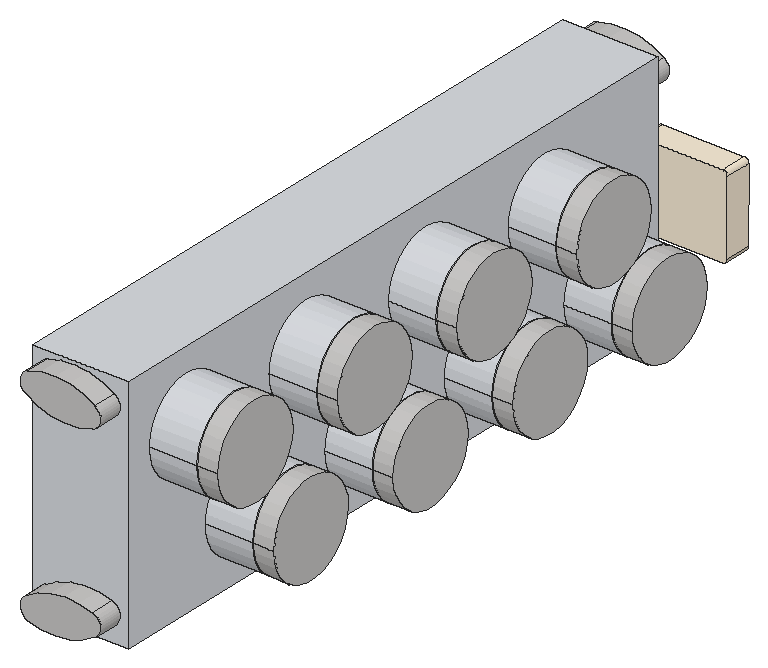
Revit family "HVAC_Ductwork_Airzone_Motorized-Plenum_Kaysun_Standard_8-Dampers", category Mechanical Equipment, Revit 2016
Family settings
  Part Type = Normal
  Round Connector Dimension = Use Diameter
  OmniClass Number = 23.75.70.14
  OmniClass Title = Air Ductwork
  Work Plane-Based = No
  Always vertical = Yes
  Cut with Voids When Loaded = No
  Shared = No
  Room Calculation Point = No
Parameters (values of type "KAYST01XL8")
  Voltage = 230 V
  URL = "www.airzone.es"
  Type Image Comments = "Image available in product documentation download"  # constant formula
  Revit Model Version = "1.0"  # constant formula
  Revit Model Author URL = "www.a3d.es"
  Revit Model Author = "A3D Consulting"  # constant formula
  Product Documentation Download URL = "http://doc.airzone.es/BIM/Easyzone/Kaysun-Airzone_motorized_plenum.zip"
  Product Comments = "Refer to technical documentation for further details"  # constant formula
  Power Factor = 1
  Neck Width = 971.600 mm
  Neck Length = 95.000 mm
  Neck Height = 207.600 mm
  Material = Metal - AIRZONE - Galvanized Sheet - Semi-polished
  Main Control Board Material = Plastic - AIRZONE - Smooth - Off-white
  Load Classification = Other
  Insulated Body Width = 205.000 mm  # constant formula
  Insulated Body Material = Metal -AIRZONE - Insulating Lining -Aluminum Finish
  Insulated Body Length = 1425.000 mm  # constant formula
  Insulated Body Height = 515.000 mm  # constant formula
  Fresh Air Inlet 4 Flow [instance] = 0 m³/h
  Fresh Air Inlet 3 Flow [instance] = 0 m³/h
  Flow [instance] = Damper 8 Air Flow + Damper 7 Air Flow + Damper 6 Air Flow + Damper 5 Air Flow + Damper 4 Air Flow + Damper 3 Air Flow + Damper 2 Air Flow + Damper 1 Air Flow - Fresh Air Inlet 4 Flow - Fresh Air Inlet 3 Flow - Fresh Air Inlet 2 Flow - Fresh Air Inlet 1 Flow  # 2400 m³/h
  Fresh Air Inlet 1 Flow [instance] = 0 m³/h
  Fresh Air Inlet 2 Flow [instance] = 0 m³/h
  Fresh Air Inlet Connection Width = 175.000 mm
  Fresh Air Inlet Connection Height = 75.000 mm
  Model = "KAYST01XL8"
  Neck Side Offset = 262.700 mm
  Neck Bottom Offset = 161.700 mm
  Type Image = <None>
  Manufacturer = "AIRZONE"  # constant formula
  Main Control Board Depth = 57.000 mm  # constant formula
  Main Control Board Width = 195.000 mm  # constant formula
  Main Control Board Height = 180.000 mm  # constant formula
  Fixing = ""
  Disclaimer = "All information provided in this model is reviewed before being published. However, Airzone cannot guarantee this model is error-free, therefore users are strongly encouraged to check for technical documentation and updates"  # constant formula
  Description = "Airzone standard motorized plenum with neck that mechanically adapts to the main ducted AC units of Kaysun."
  Type Comments = ""
  Dampers Length = 149.000 mm  # constant formula
  Dampers Diameter = 200.000 mm  # constant formula
  Damper 8 Air Flow [instance] = 300 m³/h
  Damper 7 Air Flow [instance] = 300 m³/h
  Damper 6 Air Flow [instance] = 300 m³/h
  Damper 5 Air Flow [instance] = 300 m³/h
  Damper 4 Air Flow [instance] = 300 m³/h
  Damper 1 Air Flow [instance] = 300 m³/h
  Damper 2 Air Flow [instance] = 300 m³/h
  Damper 3 Air Flow [instance] = 300 m³/h
  Fresh Air Inlet Connection Offset Height = 48.305 mm  # constant formula
  Compatible Accesories = ""
  Apparent Load = 57.5 VA
Types (2, lengths in mm): name | Neck Width | Neck Height | Model | Neck Side Offset | Neck Bottom Offset
  KAYST01XL8 | 971.600 | 207.600 | "KAYST01XL8" | 262.700 | 161.700
  KAYST01L8 | 936.600 | 182.600 | "KAYST01L8" | 282.700 | 176.700
Reference planes
  plane 1 "Center (Front/Back)": y = 0
  plane 2 "Center (Elevation)": z = 0
  plane 3 "Center (Left/Right)": x = 0
  plane 4 "Neck Back": y = 485.8
  plane 5 "Neck Front": y = -485.8
  plane 6 "Neck Top": z = 103.8
  plane 7 "Neck Bottom": z = -103.8
  plane 8 "Left": x = 95
  plane 9 "Bottom": z = -265.5
  plane 10 "Top": z = 249.5
  plane 11 "Front": y = -676.5
  plane 12 "Back": y = 748.5
  plane 13 "Right": x = 300
  plane 14 "Dampers Front": x = 449
  plane 15 "Dampers L1 Center (Elevation)": z = 99.5
  plane 16 "Damper3": y = -199.84
  plane 17 "Damper2": y = 121.83
  plane 18 "Damper1": y = 443.5
  plane 19 "Middle": y = 36
  plane 20 "FreshAir L2 Center (Elevation)": z = -217.195
  plane 21 "FreshAir1": y = 801
  plane 22 "FreshAir2": y = -729
  plane 23 "Dampers Lining": x = 404
  plane 24 "FreshAir Vertical Axis": x = 195.83
  plane 25 "ConnectionBox Side": x = 254
  plane 26 "Main Control Board Center (Left/Right)": x = 351.5
  plane 27 "Damper4": y = -521.51
  plane 28 "Dampers L2 Center (Elevation)": z = -115.5
  plane 29 "Damper5": y = 593.51
  plane 30 "Damper6": y = 271.84
  plane 31 "Damper7": y = -49.83
  plane 32 "Damper8": y = -371.5
  plane 33 "InsulatedBody Center (Elevation)": z = -8
  plane 34 "FreshAir L1 Center (Elevation)": z = 201.195
Forms (mm)
  Extrusion 1, solid, material "Metal - AIRZONE - Galvanized Sheet - Semi-polished" <- "Material"
    sketch origin (0, 0, 0) x (0, 1, 0) y (0, 0, 1)
      loop
        line (-485.8, 103.8) -> (-485.8, -103.8) -> (485.8, -103.8) -> (485.8, 103.8) -> (-485.8, 103.8)
    from 0 to 95
  Extrusion 2, solid, material "Metal -AIRZONE - Insulating Lining -Aluminum Finish" <- "Insulated Body Material"
    sketch origin (95, 0, 0) x (0, 1, 0) y (0, 0, 1)
      loop
        line (-676.5, 249.5) -> (-676.5, -265.5) -> (748.5, -265.5) -> (748.5, 249.5) -> (-676.5, 249.5)
    from 0 to 205
  Extrusion 3, solid, material "Metal - AIRZONE - Galvanized Sheet - Semi-polished" <- "Material"
    sketch origin (300, 0, 0) x (0, 1, 0) y (0, 0, 1)
      loop
        circle (-199.84, 99.5) r 100
    from 104 to 149
  Extrusion 4, solid, material "Metal - AIRZONE - Galvanized Sheet - Semi-polished" <- "Material"
    sketch origin (300, 0, 0) x (0, 1, 0) y (0, 0, 1)
      loop
        circle (121.83, 99.5) r 100
    from 104 to 149
  Extrusion 5, solid, material "Metal - AIRZONE - Galvanized Sheet - Semi-polished" <- "Material"
    sketch origin (300, 0, 0) x (0, 1, 0) y (0, 0, 1)
      loop
        circle (443.5, 99.5) r 100
    from 104 to 149
  Extrusion 6, solid, material "Metal - AIRZONE - Galvanized Sheet - Semi-polished" <- "Material"
    sketch origin (0, -676.5, 0) x (0, 0, 1) y (1, 0, 0)
      loop
        arc (-184.641, 265.204) -> (-206.108, 282.105) -> (-230.812, 270.434) r 25.96
        arc (-230.812, 270.434) -> (-256.802, 200.598) -> (-249.349, 126.456) r 164.67
        arc (-249.349, 126.456) -> (-228.165, 109.589) -> (-203.494, 120.751) r 25.96
        arc (-203.494, 120.751) -> (-177.225, 190.78) -> (-184.641, 265.204) r 164.67
    from 0 to -52.5
  Extrusion 7, solid, material "Metal - AIRZONE - Galvanized Sheet - Semi-polished" <- "Material"
    sketch origin (0, 748.5, 0) x (0, 0, 1) y (1, 0, 0)
      loop
        arc (-184.641, 265.204) -> (-205.825, 282.071) -> (-230.496, 270.909) r 25.96
        arc (-230.496, 270.909) -> (-256.679, 201.53) -> (-249.767, 127.699) r 164.67
        arc (-249.767, 127.699) -> (-228.532, 109.637) -> (-203.178, 121.226) r 25.96
        arc (-203.178, 121.226) -> (-177.188, 191.062) -> (-184.641, 265.204) r 164.67
    from 0 to 52.5
  Extrusion 8, solid, material "Metal -AIRZONE - Insulating Lining -Aluminum Finish" <- "Insulated Body Material"
    sketch origin (300, 0, 0) x (0, 1, 0) y (0, 0, 1)
      loop
        circle (443.5, 99.5) r 100
    from 0 to 104
  Extrusion 9, solid, material "Metal -AIRZONE - Insulating Lining -Aluminum Finish" <- "Insulated Body Material"
    sketch origin (300, -260, 0) x (0, 1, 0) y (0, 0, 1)
      loop
        circle (381.83, 99.5) r 100
    from 0 to 104
  Extrusion 10, solid, material "Metal -AIRZONE - Insulating Lining -Aluminum Finish" <- "Insulated Body Material"
    sketch origin (300, -520, 0) x (0, 1, 0) y (0, 0, 1)
      loop
        circle (320.16, 99.5) r 100
    from 0 to 104
  Extrusion 11, solid, material "Metal - AIRZONE - Galvanized Sheet - Semi-polished" <- "Material"
    sketch origin (300, -190, 0) x (0, 1, 0) y (0, 0, 1)
      loop
        circle (-331.51, 99.5) r 100
    from 104 to 149
  Extrusion 12, solid, material "Metal -AIRZONE - Insulating Lining -Aluminum Finish" <- "Insulated Body Material"
    sketch origin (300, -710, 0) x (0, 1, 0) y (0, 0, 1)
      loop
        circle (188.49, 99.5) r 100
    from 0 to 104
  Extrusion 13, solid, material "Metal -AIRZONE - Insulating Lining -Aluminum Finish" <- "Insulated Body Material"
    sketch origin (300, -100, 0) x (0, 1, 0) y (0, 0, 1)
      loop
        circle (693.51, -115.5) r 100
    from 0 to 104
  Extrusion 14, solid, material "Metal - AIRZONE - Galvanized Sheet - Semi-polished" <- "Material"
    sketch origin (300, 150.01, 0) x (0, 1, 0) y (0, 0, 1)
      loop
        circle (443.5, -115.5) r 100
    from 104 to 149
  Extrusion 15, solid, material "Metal -AIRZONE - Insulating Lining -Aluminum Finish" <- "Insulated Body Material"
    sketch origin (300, -421.67, 0) x (0, 1, 0) y (0, 0, 1)
      loop
        circle (693.51, -115.5) r 100
    from 0 to 104
  Extrusion 16, solid, material "Metal - AIRZONE - Galvanized Sheet - Semi-polished" <- "Material"
    sketch origin (300, -171.66, 0) x (0, 1, 0) y (0, 0, 1)
      loop
        circle (443.5, -115.5) r 100
    from 104 to 149
  Extrusion 17, solid, material "Metal -AIRZONE - Insulating Lining -Aluminum Finish" <- "Insulated Body Material"
    sketch origin (300, -743.34, 0) x (0, 1, 0) y (0, 0, 1)
      loop
        circle (693.51, -115.5) r 100
    from 0 to 104
  Extrusion 18, solid, material "Metal - AIRZONE - Galvanized Sheet - Semi-polished" <- "Material"
    sketch origin (300, -493.33, 0) x (0, 1, 0) y (0, 0, 1)
      loop
        circle (443.5, -115.5) r 100
    from 104 to 149
  Extrusion 19, solid, material "Metal -AIRZONE - Insulating Lining -Aluminum Finish" <- "Insulated Body Material"
    sketch origin (300, -1065.01, 0) x (0, 1, 0) y (0, 0, 1)
      loop
        circle (693.51, -115.5) r 100
    from 0 to 104
  Extrusion 20, solid, material "Metal - AIRZONE - Galvanized Sheet - Semi-polished" <- "Material"
    sketch origin (300, -815, 0) x (0, 1, 0) y (0, 0, 1)
      loop
        circle (443.5, -115.5) r 100
    from 104 to 149
  Extrusion 21, solid, material "Metal - AIRZONE - Galvanized Sheet - Semi-polished" <- "Material"
    sketch origin (0, -676.5, -30) x (0, 0, -1) y (-1, 0, 0)
      loop
        arc (-198.641, -265.204) -> (-191.225, -190.78) -> (-217.494, -120.751) r 164.67
        arc (-217.494, -120.751) -> (-242.165, -109.589) -> (-263.349, -126.456) r 25.96
        arc (-263.349, -126.456) -> (-270.802, -200.598) -> (-244.812, -270.434) r 164.67
        arc (-244.812, -270.434) -> (-220.108, -282.105) -> (-198.641, -265.204) r 25.96
    from 0 to -52.5
  Extrusion 22, solid, material "Metal - AIRZONE - Galvanized Sheet - Semi-polished" <- "Material"
    sketch origin (0, 748.5, -30) x (0, 0, -1) y (-1, 0, 0)
      loop
        arc (-198.641, -265.204) -> (-191.188, -191.062) -> (-217.178, -121.226) r 164.67
        arc (-217.178, -121.226) -> (-242.532, -109.637) -> (-263.767, -127.699) r 25.96
        arc (-263.767, -127.699) -> (-270.679, -201.53) -> (-244.496, -270.909) r 164.67
        arc (-244.496, -270.909) -> (-219.825, -282.071) -> (-198.641, -265.204) r 25.96
    from 0 to 52.5
Lines and regions (mm)
  Masking region 1
    outline origin (0, 0, 0) x (1, 0, 0) y (0, 1, 0)
      loop
        line (95, 748.5) -> (95, -676.5) -> (300, -676.5) -> (300, 748.5) -> (95, 748.5)
  Masking region 2, detail levels medium+fine
    outline origin (0, 0, 0) x (1, 0, 0) y (0, 1, 0)
      loop
        line (0, 485.8) -> (0, -485.8) -> (95, -485.8) -> (95, 485.8) -> (0, 485.8)
  Masking region 3, detail levels medium+fine
    outline origin (0, 0, -217.195) x (1, 0, 0) y (0, 1, 0)
      loop
        line (108.33, 801) -> (108.33, 748.5) -> (283.33, 748.5) -> (283.33, 801) -> (108.33, 801)
  Masking region 4, detail levels medium+fine
    outline origin (0, 0, -217.195) x (1, 0, 0) y (0, 1, 0)
      loop
        line (108.33, -676.5) -> (108.33, -729) -> (283.33, -729) -> (283.33, -676.5) -> (108.33, -676.5)
  Masking region 5, detail levels medium+fine
    outline origin (0, 0, 0) x (1, 0, 0) y (0, 1, 0)
      loop
        line (254, 805.5) -> (254, 748.5) -> (449, 748.5) -> (449, 805.5) -> (254, 805.5)
  Masking region 6, detail levels medium+fine
    outline origin (0, 0, 99.5) x (0, -1, 0) y (1, 0, 0)
      loop
        line (421.51, 300) -> (621.51, 300) -> (621.51, 449) -> (421.51, 449) -> (421.51, 300)
  Masking region 7, detail levels medium+fine
    outline origin (0, 321.67, 99.5) x (0, -1, 0) y (1, 0, 0)
      loop
        line (421.51, 300) -> (621.51, 300) -> (621.51, 449) -> (421.51, 449) -> (421.51, 300)
  Masking region 8, detail levels medium+fine
    outline origin (0, 643.34, 99.5) x (0, -1, 0) y (1, 0, 0)
      loop
        line (421.51, 300) -> (621.51, 300) -> (621.51, 449) -> (421.51, 449) -> (421.51, 300)
  Masking region 9, detail levels medium+fine
    outline origin (0, 965.01, 99.5) x (0, -1, 0) y (1, 0, 0)
      loop
        line (421.51, 300) -> (621.51, 300) -> (621.51, 449) -> (421.51, 449) -> (421.51, 300)
  Masking region 10, detail levels medium+fine
    outline origin (0, 0, -115.5) x (0, -1, 0) y (1, 0, 0)
      loop
        line (-693.51, 300) -> (-493.51, 300) -> (-493.51, 449) -> (-693.51, 449) -> (-693.51, 300)
  Masking region 11, detail levels medium+fine
    outline origin (0, -321.67, -115.5) x (0, -1, 0) y (1, 0, 0)
      loop
        line (-693.51, 300) -> (-493.51, 300) -> (-493.51, 449) -> (-693.51, 449) -> (-693.51, 300)
  Masking region 12, detail levels medium+fine
    outline origin (0, -643.34, -115.5) x (0, -1, 0) y (1, 0, 0)
      loop
        line (-693.51, 300) -> (-493.51, 300) -> (-493.51, 449) -> (-693.51, 449) -> (-693.51, 300)
  Masking region 13, detail levels medium+fine
    outline origin (0, -965.01, -115.5) x (0, -1, 0) y (1, 0, 0)
      loop
        line (-693.51, 300) -> (-493.51, 300) -> (-493.51, 449) -> (-693.51, 449) -> (-693.51, 300)
  symbolic lines, detail levels coarse
    curve 1: line (95, -676.5, 0) -> (300, 36, 0)
    curve 2: line (300, 36, 0) -> (95, 748.5, 0)
Dimensions and locks
  equal spacing: plane 4 "Neck Back", plane 1 "Center (Front/Back)", plane 5 "Neck Front"
  "Neck Width": plane 4 "Neck Back" to plane 5 "Neck Front"
  equal spacing: plane 6 "Neck Top", level, plane 7 "Neck Bottom"
  "Neck Height": plane 6 "Neck Top" to plane 7 "Neck Bottom"
  "Neck Length": plane 3 "Center (Left/Right)" to plane 8 "Left"
  "Neck Bottom Offset": plane 7 "Neck Bottom" to plane 9 "Bottom"
  "Insulated Body Height": plane 10 "Top" to plane 9 "Bottom"
  "Insulated Body Length": plane 12 "Back" to plane 11 "Front"
  "Insulated Body Width": plane 8 "Left" to plane 13 "Right"
  "Dampers Length": plane 13 "Right" to plane 14 "Dampers Front"
  equal spacing: plane 12 "Back", plane 19 "Middle", plane 11 "Front"
  plane 8 "Left" to plane 13 "Right" = 205.000 mm
  "Fresh Air Inlet Connection Offset Height": plane 20 "FreshAir L2 Center (Elevation)" to plane 9 "Bottom"
  locked: Extrusion 6 sketch curve to plane 9 "Bottom" at 56.47
  locked: plane 13 "Right" to Extrusion 6 sketch curve at 43.69
  locked: plane 13 "Right" to Extrusion 6 sketch curve at 164.65
  locked: Extrusion 6 sketch curve to plane 9 "Bottom" at 40.54
  locked: plane 13 "Right" to Extrusion 6 sketch curve at 87.91
  locked: plane 9 "Bottom" to Extrusion 6 sketch curve at 75.01
  locked: plane 13 "Right" to Extrusion 6 sketch curve at 120.43
  locked: Extrusion 6 sketch curve to plane 9 "Bottom" at 172.02
  locked: plane 13 "Right" to Extrusion 7 sketch curve at 43.69
  locked: Extrusion 7 sketch curve to plane 9 "Bottom" at 56.47
  locked: Extrusion 7 sketch curve to plane 9 "Bottom" at 40.54
  locked: plane 13 "Right" to Extrusion 7 sketch curve at 164.65
  locked: plane 13 "Right" to Extrusion 7 sketch curve at 120.43
  locked: Extrusion 7 sketch curve to plane 9 "Bottom" at 172.02
  locked: plane 9 "Bottom" to Extrusion 7 sketch curve at 75.01
  locked: plane 13 "Right" to Extrusion 7 sketch curve at 87.91
  "Neck Side Offset": plane 12 "Back" to plane 4 "Neck Back"
  locked: plane 21 "FreshAir1" to plane 12 "Back" at 52.5
  plane 11 "Front" to plane 22 "FreshAir2" = 52.500 mm
  locked: connector elem to plane 13 "Right" at 104.17
  locked: plane 20 "FreshAir L2 Center (Elevation)" to connector elem
  locked: plane 13 "Right" to connector elem at 104.17
  locked: connector elem to plane 20 "FreshAir L2 Center (Elevation)"
  locked: plane 23 "Dampers Lining" to plane 14 "Dampers Front" at 45
  locked: plane 24 "FreshAir Vertical Axis" to plane 13 "Right" at 104.17
  equal spacing: Masking region 3 sketch curve, plane 24 "FreshAir Vertical Axis", Masking region 3 sketch curve
  "Fresh Air Inlet Connection Width": Masking region 3 sketch curve to Masking region 3 sketch curve
  equal spacing: Masking region 4 sketch curve, plane 24 "FreshAir Vertical Axis", Masking region 4 sketch curve
  "Fresh Air Inlet Connection Width": Masking region 4 sketch curve to Masking region 4 sketch curve
  "Main Control Board Depth": Masking region 5 sketch curve to plane 12 "Back"
  "Main Control Board Width": plane 25 "ConnectionBox Side" to plane 14 "Dampers Front"
  equal spacing: plane 25 "ConnectionBox Side", plane 26 "Main Control Board Center (Left/Right)", plane 14 "Dampers Front"
  equal spacing: Masking region 6 sketch curve, plane 27 "Damper4", Masking region 6 sketch curve
  "Dampers Diameter": Masking region 6 sketch curve to Masking region 6 sketch curve
  plane 18 "Damper1" to plane 17 "Damper2" to plane 16 "Damper3" to plane 27 "Damper4" = 321.670 mm locked, 321.670 mm locked, 321.670 mm locked
  locked: plane 17 "Damper2" to plane 19 "Middle" at 85.83
  locked: plane 10 "Top" to plane 15 "Dampers L1 Center (Elevation)" at 150
  locked: plane 28 "Dampers L2 Center (Elevation)" to plane 9 "Bottom" at 150
  plane 29 "Damper5" to plane 30 "Damper6" to plane 31 "Damper7" to plane 32 "Damper8" = 321.670 mm locked, 321.670 mm locked, 321.670 mm locked
  locked: plane 19 "Middle" to plane 31 "Damper7" at 85.83
  equal spacing: Masking region 7 sketch curve, plane 16 "Damper3", Masking region 7 sketch curve
  "Dampers Diameter": Masking region 7 sketch curve to Masking region 7 sketch curve
  equal spacing: Masking region 8 sketch curve, plane 17 "Damper2", Masking region 8 sketch curve
  "Dampers Diameter": Masking region 8 sketch curve to Masking region 8 sketch curve
  equal spacing: Masking region 9 sketch curve, plane 18 "Damper1", Masking region 9 sketch curve
  "Dampers Diameter": Masking region 9 sketch curve to Masking region 9 sketch curve
  equal spacing: Masking region 10 sketch curve, plane 29 "Damper5", Masking region 10 sketch curve
  "Dampers Diameter": Masking region 10 sketch curve to Masking region 10 sketch curve
  equal spacing: Masking region 11 sketch curve, plane 30 "Damper6", Masking region 11 sketch curve
  "Dampers Diameter": Masking region 11 sketch curve to Masking region 11 sketch curve
  equal spacing: Masking region 12 sketch curve, plane 31 "Damper7", Masking region 12 sketch curve
  "Dampers Diameter": Masking region 12 sketch curve to Masking region 12 sketch curve
  equal spacing: Masking region 13 sketch curve, plane 32 "Damper8", Masking region 13 sketch curve
  "Dampers Diameter": Masking region 13 sketch curve to Masking region 13 sketch curve
  equal spacing: plane 10 "Top", plane 33 "InsulatedBody Center (Elevation)", plane 9 "Bottom"
  locked: plane 13 "Right" to Extrusion 21 sketch curve at 43.69
  locked: plane 13 "Right" to Extrusion 21 sketch curve at 87.91
  locked: plane 13 "Right" to Extrusion 21 sketch curve at 120.43
  locked: plane 13 "Right" to Extrusion 21 sketch curve at 164.65
  locked: Extrusion 21 sketch curve to plane 10 "Top" at 75.01
  locked: plane 10 "Top" to Extrusion 21 sketch curve at 40.54
  locked: plane 10 "Top" to Extrusion 21 sketch curve at 56.47
  locked: plane 10 "Top" to Extrusion 21 sketch curve at 172.02
  locked: plane 10 "Top" to Extrusion 22 sketch curve at 75.01
  locked: Extrusion 22 sketch curve to plane 10 "Top" at 40.54
  locked: Extrusion 22 sketch curve to plane 10 "Top" at 56.47
  locked: Extrusion 22 sketch curve to plane 10 "Top" at 172.02
  locked: plane 13 "Right" to Extrusion 22 sketch curve at 43.69
  locked: plane 13 "Right" to Extrusion 22 sketch curve at 87.91
  locked: plane 13 "Right" to Extrusion 22 sketch curve at 120.43
  locked: plane 13 "Right" to Extrusion 22 sketch curve at 164.65
  "Fresh Air Inlet Connection Offset Height": plane 10 "Top" to plane 34 "FreshAir L1 Center (Elevation)"
  locked: connector elem to plane 24 "FreshAir Vertical Axis"  (x2)
  locked: connector elem to plane 34 "FreshAir L1 Center (Elevation)"  (x2)
  "Dampers Diameter": diameter of Extrusion 3 sketch curve
  "Dampers Diameter": diameter of Extrusion 4 sketch curve
  "Dampers Diameter": diameter of Extrusion 5 sketch curve
  radius of Extrusion 7 sketch curve = 164.670 mm  (x2)
  radius of Extrusion 7 sketch curve = 25.960 mm  (x2)
  radius of Extrusion 6 sketch curve = 164.670 mm  (x2)
  radius of Extrusion 6 sketch curve = 25.960 mm  (x2)
  "Dampers Diameter": diameter of Extrusion 8 sketch curve
  "Dampers Diameter": diameter of Extrusion 9 sketch curve
  "Dampers Diameter": diameter of Extrusion 10 sketch curve
  "Dampers Diameter": diameter of Extrusion 11 sketch curve
  "Dampers Diameter": diameter of Extrusion 12 sketch curve
  "Dampers Diameter": diameter of Extrusion 13 sketch curve
  "Dampers Diameter": diameter of Extrusion 14 sketch curve
  "Dampers Diameter": diameter of Extrusion 15 sketch curve
  "Dampers Diameter": diameter of Extrusion 16 sketch curve
  "Dampers Diameter": diameter of Extrusion 17 sketch curve
  "Dampers Diameter": diameter of Extrusion 18 sketch curve
  "Dampers Diameter": diameter of Extrusion 19 sketch curve
  "Dampers Diameter": diameter of Extrusion 20 sketch curve
  radius of Extrusion 21 sketch curve = 164.670 mm  (x2)
  radius of Extrusion 21 sketch curve = 25.960 mm  (x2)
  radius of Extrusion 22 sketch curve = 164.670 mm  (x2)
  radius of Extrusion 22 sketch curve = 25.960 mm  (x2)
  aligned and locked: level to plane 2 "Center (Elevation)"
  aligned and locked: plane 5 "Neck Front" to Extrusion 1 sketch curve
  aligned and locked: Extrusion 1 sketch curve to plane 6 "Neck Top"
  aligned and locked: Extrusion 1 sketch curve to plane 4 "Neck Back"
  aligned and locked: plane 7 "Neck Bottom" to Extrusion 1 sketch curve
  aligned and locked: Extrusion 1 to plane 3 "Center (Left/Right)"
  aligned and locked: Extrusion 2 sketch curve to plane 10 "Top"
  aligned and locked: Extrusion 2 sketch curve to plane 12 "Back"
  aligned and locked: plane 9 "Bottom" to Extrusion 2 sketch curve
  aligned and locked: plane 11 "Front" to Extrusion 2 sketch curve
  aligned and locked: plane 13 "Right" to Extrusion 2
  aligned and locked: Extrusion 2 to plane 8 "Left"
  aligned and locked: plane 16 "Damper3" to Extrusion 3 sketch curve
  aligned and locked: plane 15 "Dampers L1 Center (Elevation)" to Extrusion 3 sketch curve
  aligned and locked: plane 15 "Dampers L1 Center (Elevation)" to Extrusion 4 sketch curve
  aligned and locked: plane 18 "Damper1" to Extrusion 5 sketch curve
  aligned and locked: plane 15 "Dampers L1 Center (Elevation)" to Extrusion 5 sketch curve
  aligned and locked: plane 14 "Dampers Front" to Extrusion 5
  aligned and locked: plane 14 "Dampers Front" to Extrusion 4
  aligned and locked: plane 14 "Dampers Front" to Extrusion 3
  aligned and locked: plane 8 "Left" to Extrusion 1
  aligned and locked: plane 22 "FreshAir2" to Extrusion 6
  aligned and locked: plane 21 "FreshAir1" to Extrusion 7
  aligned and locked: Extrusion 7 to plane 12 "Back"
  aligned and locked: plane 11 "Front" to Extrusion 6
  aligned and locked: Extrusion 5 to plane 23 "Dampers Lining"
  aligned and locked: Extrusion 5 to Extrusion 4
  aligned and locked: Extrusion 4 to Extrusion 3
  aligned and locked: plane 23 "Dampers Lining" to Extrusion 8
  aligned and locked: Extrusion 10 to plane 13 "Right"
  aligned and locked: plane 23 "Dampers Lining" to Extrusion 10
  aligned and locked: Extrusion 9 to plane 13 "Right"
  aligned and locked: plane 23 "Dampers Lining" to Extrusion 9
  aligned and locked: Extrusion 8 to plane 13 "Right"
  aligned and locked: Extrusion 9 to Extrusion 8
  aligned and locked: plane 18 "Damper1" to Extrusion 8 sketch curve
  aligned and locked: plane 15 "Dampers L1 Center (Elevation)" to Extrusion 8 sketch curve
  aligned and locked: plane 15 "Dampers L1 Center (Elevation)" to Extrusion 9 sketch curve
  aligned and locked: plane 16 "Damper3" to Extrusion 10 sketch curve
  aligned and locked: plane 15 "Dampers L1 Center (Elevation)" to Extrusion 10 sketch curve
  aligned and locked: Masking region 1 sketch curve to plane 12 "Back"
  aligned and locked: plane 8 "Left" to Masking region 1 sketch curve
  aligned and locked: Masking region 1 sketch curve to plane 13 "Right"
  aligned and locked: plane 11 "Front" to Masking region 1 sketch curve
  aligned and locked: plane 5 "Neck Front" to Masking region 2 sketch curve
  aligned and locked: plane 3 "Center (Left/Right)" to Masking region 2 sketch curve
  aligned and locked: Masking region 2 sketch curve to plane 4 "Neck Back"
  aligned and locked: Masking region 2 sketch curve to plane 8 "Left"
  aligned and locked: plane 12 "Back" to Masking region 3 sketch curve
  aligned and locked: Masking region 3 sketch curve to plane 21 "FreshAir1"
  aligned and locked: Masking region 4 sketch curve to plane 11 "Front"
  aligned and locked: Masking region 4 sketch curve to plane 22 "FreshAir2"
  aligned and locked: plane 12 "Back" to Masking region 5 sketch curve
  aligned and locked: Masking region 5 sketch curve to plane 14 "Dampers Front"
  aligned and locked: plane 25 "ConnectionBox Side" to Masking region 5 sketch curve
  aligned and locked: plane 17 "Damper2" to Extrusion 9 sketch curve
  aligned and locked: plane 17 "Damper2" to Extrusion 4 sketch curve
  aligned and locked: Masking region 6 sketch curve to plane 14 "Dampers Front"
  aligned and locked: plane 13 "Right" to Masking region 6 sketch curve
  aligned and locked: Extrusion 12 to plane 13 "Right"
  aligned and locked: plane 23 "Dampers Lining" to Extrusion 12
  aligned and locked: Extrusion 11 to plane 23 "Dampers Lining"
  aligned and locked: plane 14 "Dampers Front" to Extrusion 11
  aligned and locked: plane 15 "Dampers L1 Center (Elevation)" to Extrusion 12 sketch curve
  aligned and locked: plane 27 "Damper4" to Extrusion 12 sketch curve
  aligned and locked: plane 15 "Dampers L1 Center (Elevation)" to Extrusion 11 sketch curve
  aligned and locked: plane 27 "Damper4" to Extrusion 11 sketch curve
  aligned and locked: Extrusion 13 to plane 13 "Right"
  aligned and locked: plane 23 "Dampers Lining" to Extrusion 13
  aligned and locked: plane 28 "Dampers L2 Center (Elevation)" to Extrusion 13 sketch curve
  aligned and locked: plane 29 "Damper5" to Extrusion 13 sketch curve
  aligned and locked: Extrusion 14 to plane 23 "Dampers Lining"
  aligned and locked: plane 14 "Dampers Front" to Extrusion 14
  aligned and locked: plane 28 "Dampers L2 Center (Elevation)" to Extrusion 14 sketch curve
  aligned and locked: plane 29 "Damper5" to Extrusion 14 sketch curve
  aligned and locked: Extrusion 15 to plane 13 "Right"
  aligned and locked: plane 23 "Dampers Lining" to Extrusion 15
  aligned and locked: Extrusion 17 to plane 13 "Right"
  aligned and locked: plane 23 "Dampers Lining" to Extrusion 17
  aligned and locked: Extrusion 19 to plane 13 "Right"
  aligned and locked: plane 23 "Dampers Lining" to Extrusion 19
  aligned and locked: Extrusion 20 to plane 23 "Dampers Lining"
  aligned and locked: plane 14 "Dampers Front" to Extrusion 20
  aligned and locked: Extrusion 18 to plane 23 "Dampers Lining"
  aligned and locked: plane 14 "Dampers Front" to Extrusion 18
  aligned and locked: Extrusion 16 to plane 23 "Dampers Lining"
  aligned and locked: plane 14 "Dampers Front" to Extrusion 16
  aligned and locked: plane 30 "Damper6" to Extrusion 16 sketch curve
  aligned and locked: plane 28 "Dampers L2 Center (Elevation)" to Extrusion 16 sketch curve
  aligned and locked: plane 31 "Damper7" to Extrusion 18 sketch curve
  aligned and locked: plane 28 "Dampers L2 Center (Elevation)" to Extrusion 18 sketch curve
  aligned and locked: plane 32 "Damper8" to Extrusion 20 sketch curve
  aligned and locked: plane 28 "Dampers L2 Center (Elevation)" to Extrusion 20 sketch curve
  aligned and locked: plane 32 "Damper8" to Extrusion 19 sketch curve
  aligned and locked: plane 28 "Dampers L2 Center (Elevation)" to Extrusion 19 sketch curve
  aligned and locked: plane 28 "Dampers L2 Center (Elevation)" to Extrusion 17 sketch curve
  aligned and locked: plane 31 "Damper7" to Extrusion 17 sketch curve
  aligned and locked: plane 30 "Damper6" to Extrusion 15 sketch curve
  aligned and locked: plane 28 "Dampers L2 Center (Elevation)" to Extrusion 15 sketch curve
  aligned and locked: plane 13 "Right" to Masking region 7 sketch curve
  aligned and locked: Masking region 7 sketch curve to plane 14 "Dampers Front"
  aligned and locked: plane 13 "Right" to Masking region 8 sketch curve
  aligned and locked: Masking region 8 sketch curve to plane 14 "Dampers Front"
  aligned and locked: plane 13 "Right" to Masking region 9 sketch curve
  aligned and locked: Masking region 9 sketch curve to plane 14 "Dampers Front"
  aligned and locked: plane 13 "Right" to Masking region 10 sketch curve
  aligned and locked: Masking region 10 sketch curve to plane 14 "Dampers Front"
  aligned and locked: plane 13 "Right" to Masking region 13 sketch curve
  aligned and locked: Masking region 13 sketch curve to plane 14 "Dampers Front"
  aligned and locked: plane 13 "Right" to Masking region 12 sketch curve
  aligned and locked: Masking region 12 sketch curve to plane 14 "Dampers Front"
  aligned and locked: plane 13 "Right" to Masking region 11 sketch curve
  aligned and locked: Masking region 11 sketch curve to plane 14 "Dampers Front"
  aligned and locked: plane 11 "Front" to Extrusion 21
  aligned and locked: plane 22 "FreshAir2" to Extrusion 21
  aligned and locked: plane 21 "FreshAir1" to Extrusion 22
  aligned and locked: Extrusion 22 to plane 12 "Back"
  aligned and locked: nested 1 to plane 12 "Back"
  aligned and locked: nested 1 to plane 26 "Main Control Board Center (Left/Right)"
  aligned and locked: nested 1 to plane 33 "InsulatedBody Center (Elevation)"
Automatic sketch dimensions
  curve 2 to plane 8 "Left" = 0.000 mm
  curve 1 to plane 8 "Left" = 0.000 mm
  curve 2 to plane 13 "Right" = 0.000 mm
  curve 1 to plane 11 "Front" = 0.000 mm
  curve 2 to plane 19 "Middle" = 0.000 mm
  curve 2 to plane 12 "Back" = 0.000 mm
Nested families
  nested 1: "Airzone_Main-Control-Board" at (351.5, 748.5, -8) x (-1, 0, 0) z (0, 1, 0), Extrusion <- "Main Control Board Depth", Height <- "Main Control Board Height", Width <- "Main Control Board Width", Material <- "Main Control Board Material", type "Standard"
    with Width 195.000 mm, Material Plastic - AIRZONE - Smooth - Off-white, Height 180.000 mm, Extrusion 57.000 mm
Connectors
  hvac at (449, -199.84, 99.5), driven by "Damper 3 Air Flow", driven by "Dampers Diameter"
    settings: on Extrusion 3, index 1, duct flow 300 m³/h, flow factor 0, pres drop 0.0 Pa, loss coef 0, conn angle 0.00°, conn width 304.8 mm, conn height 304.8 mm, conn diameter 200 mm, duct sys type 1, conn prof type 0, flow config 0, flow direction 2, loss method 0, conn ref index -1, conn util no, is conn primary no, conn desc "Supply Air Out 3"
  hvac at (449, 121.83, 99.5), driven by "Damper 2 Air Flow", driven by "Dampers Diameter"
    settings: on Extrusion 4, index 2, duct flow 300 m³/h, flow factor 0, pres drop 0.0 Pa, loss coef 0, conn angle 0.00°, conn width 304.8 mm, conn height 304.8 mm, conn diameter 200 mm, duct sys type 1, conn prof type 0, flow config 0, flow direction 2, loss method 0, conn ref index -1, conn util no, is conn primary no, conn desc "Supply Air Out 2"
  hvac at (449, 443.5, 99.5), driven by "Damper 1 Air Flow", driven by "Dampers Diameter"
    settings: on Extrusion 5, index 3, duct flow 300 m³/h, flow factor 0, pres drop 0.0 Pa, loss coef 0, conn angle 0.00°, conn width 304.8 mm, conn height 304.8 mm, conn diameter 200 mm, duct sys type 1, conn prof type 0, flow config 0, flow direction 2, loss method 0, conn ref index -1, conn util no, is conn primary no, conn desc "Supply Air Out 1"
  hvac at (0, 0, 0), driven by "Flow", driven by "Neck Height", driven by "Neck Width"
    settings: on Extrusion 1, index 6, duct flow 2400 m³/h, flow factor 0, pres drop 0.0 Pa, loss coef 0, conn angle 0.00°, conn width 971.6 mm, conn height 207.6 mm, conn diameter 609.6 mm, duct sys type 1, conn prof type 1, flow config 1, flow direction 1, loss method 0, conn ref index -1, conn util no, is conn primary yes, conn desc "Supply Air In"
  hvac at (195.83, -729, -217.195), driven by "Fresh Air Inlet 4 Flow", driven by "Fresh Air Inlet Connection Width", driven by "Fresh Air Inlet Connection Height"
    settings: index 7, duct flow 0 m³/h, flow factor 0, pres drop 0.0 Pa, loss coef 0, conn angle 0.00°, conn width 175 mm, conn height 75 mm, conn diameter 609.6 mm, duct sys type 1, conn prof type 2, flow config 1, flow direction 1, loss method 0, conn ref index -1, conn util no, is conn primary no, conn desc "Fresh Air In 4"
  hvac at (195.83, 801, -217.195), driven by "Fresh Air Inlet 3 Flow", driven by "Fresh Air Inlet Connection Height", driven by "Fresh Air Inlet Connection Width"
    settings: index 8, duct flow 0 m³/h, flow factor 0, pres drop 0.0 Pa, loss coef 0, conn angle 0.00°, conn width 175 mm, conn height 75 mm, conn diameter 609.6 mm, duct sys type 1, conn prof type 2, flow config 1, flow direction 1, loss method 0, conn ref index -1, conn util no, is conn primary no, conn desc "Fresh Air In 3"
  hvac at (449, -521.51, 99.5), driven by "Damper 4 Air Flow", driven by "Dampers Diameter"
    settings: on Extrusion 11, index 9, duct flow 300 m³/h, flow factor 0, pres drop 0.0 Pa, loss coef 0, conn angle 0.00°, conn width 304.8 mm, conn height 304.8 mm, conn diameter 200 mm, duct sys type 1, conn prof type 0, flow config 0, flow direction 2, loss method 0, conn ref index -1, conn util no, is conn primary no, conn desc "Supply Air Out 4"
  hvac at (449, 593.51, -115.5), driven by "Dampers Diameter", driven by "Damper 5 Air Flow"
    settings: on Extrusion 14, index 10, duct flow 300 m³/h, flow factor 0, pres drop 0.0 Pa, loss coef 0, conn angle 0.00°, conn width 304.8 mm, conn height 304.8 mm, conn diameter 200 mm, duct sys type 1, conn prof type 0, flow config 0, flow direction 2, loss method 0, conn ref index -1, conn util no, is conn primary no, conn desc ""
  hvac at (449, 271.84, -115.5), driven by "Dampers Diameter", driven by "Damper 6 Air Flow"
    settings: on Extrusion 16, index 11, duct flow 300 m³/h, flow factor 0, pres drop 0.0 Pa, loss coef 0, conn angle 0.00°, conn width 304.8 mm, conn height 304.8 mm, conn diameter 200 mm, duct sys type 1, conn prof type 0, flow config 0, flow direction 2, loss method 0, conn ref index -1, conn util no, is conn primary no, conn desc ""
  hvac at (449, -49.83, -115.5), driven by "Dampers Diameter", driven by "Damper 7 Air Flow"
    settings: on Extrusion 18, index 12, duct flow 300 m³/h, flow factor 0, pres drop 0.0 Pa, loss coef 0, conn angle 0.00°, conn width 304.8 mm, conn height 304.8 mm, conn diameter 200 mm, duct sys type 1, conn prof type 0, flow config 0, flow direction 2, loss method 0, conn ref index -1, conn util no, is conn primary no, conn desc ""
  hvac at (449, -371.5, -115.5), driven by "Dampers Diameter", driven by "Damper 8 Air Flow"
    settings: on Extrusion 20, index 13, duct flow 300 m³/h, flow factor 0, pres drop 0.0 Pa, loss coef 0, conn angle 0.00°, conn width 304.8 mm, conn height 304.8 mm, conn diameter 200 mm, duct sys type 1, conn prof type 0, flow config 0, flow direction 2, loss method 0, conn ref index -1, conn util no, is conn primary no, conn desc ""
  hvac at (195.83, -729, 201.195), driven by "Fresh Air Inlet 2 Flow", driven by "Fresh Air Inlet Connection Height", driven by "Fresh Air Inlet Connection Width"
    settings: index 14, duct flow 0 m³/h, flow factor 0, pres drop 0.0 Pa, loss coef 0, conn angle 0.00°, conn width 175 mm, conn height 75 mm, conn diameter 609.6 mm, duct sys type 1, conn prof type 2, flow config 1, flow direction 1, loss method 0, conn ref index -1, conn util no, is conn primary no, conn desc "Fresh Air In 2"
  hvac at (195.83, 801, 201.195), driven by "Fresh Air Inlet 1 Flow", driven by "Fresh Air Inlet Connection Height", driven by "Fresh Air Inlet Connection Width"
    settings: index 15, duct flow 0 m³/h, flow factor 0, pres drop 0.0 Pa, loss coef 0, conn angle 0.00°, conn width 175 mm, conn height 75 mm, conn diameter 609.6 mm, duct sys type 1, conn prof type 2, flow config 1, flow direction 1, loss method 0, conn ref index -1, conn util no, is conn primary no, conn desc "Fresh Air In 1"
  electrical at (351.5, 805.5, -8), driven by "Load Classification", driven by "Voltage", driven by "Apparent Load", driven by "Power Factor"
    settings: on nested 1, index 16, voltage 230 V, apparent load 57.5 VA, apparent load phase1 0 VA, apparent load phase2 0 VA, apparent load phase3 0 VA, power factor 1, load classification "Other", number of poles 1, system type 30, power factor state 1, is connector primary yes, connector utility no, sub classification motor no, connector description "Power Supply"
Definition of nested family "Airzone_Main-Control-Board"
  Parameters (values of type "Standard")
    Width [instance] = 195.000 mm
    URL = "www.airzone.es"
    Revit Model Version = "1.0"  # constant formula
    Revit Model Author URL = "www.a3d.es"
    Revit Model Author = "A3D Consulting"  # constant formula
    Material [instance] = none
    Manufacturer = "AIRZONE"  # constant formula
    Height [instance] = 180.000 mm
    Extrusion [instance] = 57.000 mm
    Default Elevation = 0.000 mm
  Reference planes
    plane 1 "Center (Front/Back)": y = 0
    plane 2: z = 0
    plane 3 "Center (Left/Right)": x = 0
    plane 4: y = 90
    plane 5: y = -90
    plane 6: x = 97.5
    plane 7: x = -97.5
  Forms (mm)
    Extrusion 1, solid, material <- "Material"
      sketch origin (0, 0, 0) x (1, 0, 0) y (0, 1, 0)
        loop
          arc (-87.5, 90) -> (-94.571, 87.071) -> (-97.5, 80) r 10
          line (-97.5, 80) -> (-97.5, -80)
          arc (-97.5, -80) -> (-94.571, -87.071) -> (-87.5, -90) r 10
          line (-87.5, -90) -> (87.5, -90)
          arc (87.5, -90) -> (94.571, -87.071) -> (97.5, -80) r 10
          line (97.5, -80) -> (97.5, 80)
          arc (97.5, 80) -> (94.571, 87.071) -> (87.5, 90) r 10
          line (87.5, 90) -> (-87.5, 90)
      from 0 to 57 <- "Extrusion"
  Dimensions and locks
    equal spacing: plane 7, plane 3 "Center (Left/Right)", plane 6
    equal spacing: plane 4, plane 1 "Center (Front/Back)", plane 5
    "Width": plane 7 to plane 6
    "Height": plane 4 to plane 5
    radius of Extrusion 1 sketch curve = 10.000 mm  (x4)
    aligned and locked: level to plane 2
    aligned and locked: plane 5 to Extrusion 1 sketch curve
    aligned and locked: Extrusion 1 sketch curve to plane 6
    aligned and locked: Extrusion 1 sketch curve to plane 4
    aligned and locked: plane 7 to Extrusion 1 sketch curve
